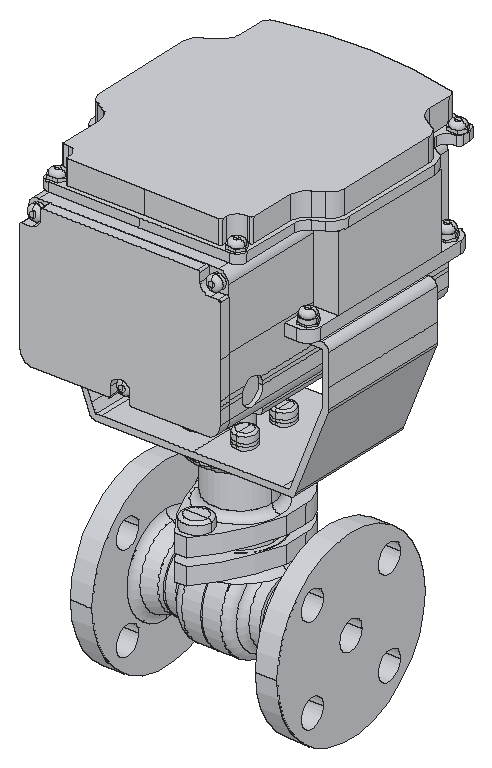
Revit family "電動二方弁_ver2019(ロゴなし)", category 電気設備, Revit 2019 (continued)
Automatic sketch dimensions
  Extrusion 41 sketch curve to Extrusion 41 sketch curve = 3.7 mm
  Extrusion 41 sketch curve to Extrusion 41 sketch curve = 7 mm
  plane 1 "中心(正面/背面)" to Extrusion 41 sketch curve = 36.395 mm
  Extrusion 41 sketch curve to plane 1 "中心(正面/背面)" = 60.605 mm
  Extrusion 41 sketch curve to Extrusion 41 sketch curve = 0.7 mm
  Extrusion 41 sketch curve to Extrusion 41 sketch curve = 7.785 mm
  Extrusion 41 sketch curve to Extrusion 41 sketch curve = 2.098 mm
  Extrusion 41 sketch curve to Extrusion 41 sketch curve = 0 mm
  Extrusion 41 sketch curve to Extrusion 41 sketch curve = 1.226 mm
  Extrusion 42 sketch curve to plane 3 "中心(左/右)" = 51.5 mm
  Extrusion 42 sketch curve to Extrusion 42 sketch curve = 5.8 mm
  Extrusion 42 sketch curve to Extrusion 42 sketch curve = 6 mm
  Extrusion 42 sketch curve to Extrusion 42 sketch curve = 6.5 mm
  Extrusion 42 sketch curve to Extrusion 42 sketch curve = 0.5 mm
  Extrusion 42 sketch curve to Extrusion 42 sketch curve = 3.7 mm
  Extrusion 42 sketch curve to Extrusion 42 sketch curve = 7 mm
  Extrusion 42 sketch curve to plane 1 "中心(正面/背面)" = 69.302 mm
  Extrusion 42 sketch curve to Extrusion 42 sketch curve = 0.212 mm
  Extrusion 42 sketch curve to Extrusion 42 sketch curve = 7.997 mm
  Extrusion 42 sketch curve to Extrusion 42 sketch curve = 0.7 mm
  plane 1 "中心(正面/背面)" to Extrusion 42 sketch curve = 29.395 mm
  Extrusion 42 sketch curve to Extrusion 42 sketch curve = 0 mm
  Extrusion 42 sketch curve to Extrusion 42 sketch curve = 1.226 mm
  Extrusion 43 sketch curve to plane 3 "中心(左/右)" = 64.592 mm
  Extrusion 43 sketch curve to Extrusion 43 sketch curve = 3.729 mm
  Extrusion 43 sketch curve to Extrusion 43 sketch curve = 1.085 mm  (x2)
  Extrusion 43 sketch curve to Extrusion 43 sketch curve = 2.797 mm  (x4)
  Extrusion 43 sketch curve to Extrusion 43 sketch curve = 7.85 mm
  Extrusion 43 sketch curve to Extrusion 43 sketch curve = 2.643 mm
  Extrusion 43 sketch curve to level = 130.361 mm
  Extrusion 43 sketch curve to Extrusion 43 sketch curve = 1.447 mm
  Extrusion 44 sketch curve to plane 3 "中心(左/右)" = 28.5 mm
  plane 3 "中心(左/右)" to Extrusion 44 sketch curve = 28.5 mm
  level to Extrusion 44 sketch curve = 161 mm
  Extrusion 44 sketch curve to Extrusion 44 sketch curve = 0.788 mm
  Revolve 45 sketch curve to plane 3 "中心(左/右)" = 60.5 mm
  Revolve 45 sketch curve to Revolve 45 sketch curve = 2.25 mm
  level to Revolve 45 sketch curve = 197.236 mm
  Revolve 45 sketch curve to Revolve 45 sketch curve = 2.264 mm
  Revolve 45 sketch curve to Revolve 45 sketch curve = 0 mm
  Revolve 45 sketch curve to Revolve 45 sketch curve = 0.936 mm
  Revolve 45 sketch curve to Revolve 45 sketch curve = 1.8 mm
  Revolve 46 sketch curve to plane 3 "中心(左/右)" = 60.5 mm
  Revolve 46 sketch curve to Revolve 46 sketch curve = 2.25 mm
  level to Revolve 46 sketch curve = 197.236 mm
  Revolve 46 sketch curve to Revolve 46 sketch curve = 2.264 mm
  Revolve 46 sketch curve to Revolve 46 sketch curve = 0 mm
  Revolve 46 sketch curve to Revolve 46 sketch curve = 0.936 mm
  Revolve 46 sketch curve to Revolve 46 sketch curve = 1.8 mm
  plane 3 "中心(左/右)" to Revolve 47 sketch curve = 56.375 mm
  Revolve 47 sketch curve to Revolve 47 sketch curve = 2.25 mm
  level to Revolve 47 sketch curve = 197.236 mm
  Revolve 47 sketch curve to Revolve 47 sketch curve = 2.264 mm
  Revolve 47 sketch curve to Revolve 47 sketch curve = 0 mm
  Revolve 47 sketch curve to Revolve 47 sketch curve = 0.936 mm
  Revolve 47 sketch curve to Revolve 47 sketch curve = 1.8 mm
  plane 3 "中心(左/右)" to Revolve 48 sketch curve = 56.375 mm
  Revolve 48 sketch curve to Revolve 48 sketch curve = 2.25 mm
  level to Revolve 48 sketch curve = 197.236 mm
  Revolve 48 sketch curve to Revolve 48 sketch curve = 2.264 mm
  Revolve 48 sketch curve to Revolve 48 sketch curve = 0 mm
  Revolve 48 sketch curve to Revolve 48 sketch curve = 0.936 mm
  Revolve 48 sketch curve to Revolve 48 sketch curve = 1.8 mm
  Extrusion 49 sketch curve to plane 1 "中心(正面/背面)" = 25.952 mm
  Extrusion 49 sketch curve to plane 3 "中心(左/右)" = 74.125 mm
  Extrusion 49 sketch curve to plane 1 "中心(正面/背面)" = 13.532 mm  (x2)
  Extrusion 49 sketch curve to plane 3 "中心(左/右)" = 23 mm
  Extrusion 49 sketch curve to plane 3 "中心(左/右)" = 6.954 mm
  Extrusion 49 sketch curve to plane 3 "中心(左/右)" = 3.046 mm
  Extrusion 49 sketch curve to plane 3 "中心(左/右)" = 1.923 mm
  plane 3 "中心(左/右)" to Extrusion 49 sketch curve = 1.923 mm
  plane 3 "中心(左/右)" to Extrusion 49 sketch curve = 3.046 mm
  plane 3 "中心(左/右)" to Extrusion 49 sketch curve = 6.954 mm
  Extrusion 49 sketch curve to Extrusion 49 sketch curve = 51.125 mm
  Extrusion 49 sketch curve to plane 1 "中心(正面/背面)" = 1.214 mm  (x2)
  Revolve 50 sketch curve to plane 3 "中心(左/右)" = 0 mm  (x2)
  Revolve 50 sketch curve to plane 3 "中心(左/右)" = 23 mm
  Revolve 50 sketch curve to Revolve 50 sketch curve = 2 mm  (x2)
  level to Revolve 50 sketch curve = 115.3 mm
  Revolve 50 sketch curve to Revolve 50 sketch curve = 5.2 mm
  Revolve 50 sketch curve to Revolve 50 sketch curve = 0.2 mm
  Extrusion 51 sketch curve to plane 1 "中心(正面/背面)" = 25.952 mm
  Extrusion 51 sketch curve to plane 3 "中心(左/右)" = 74.125 mm
  Extrusion 51 sketch curve to plane 1 "中心(正面/背面)" = 13.532 mm  (x2)
  Extrusion 51 sketch curve to plane 3 "中心(左/右)" = 23 mm
  Extrusion 51 sketch curve to plane 3 "中心(左/右)" = 6.954 mm
  Extrusion 51 sketch curve to plane 3 "中心(左/右)" = 3.046 mm
  Extrusion 51 sketch curve to plane 3 "中心(左/右)" = 1.923 mm
  plane 3 "中心(左/右)" to Extrusion 51 sketch curve = 1.923 mm
  plane 3 "中心(左/右)" to Extrusion 51 sketch curve = 3.046 mm
  plane 3 "中心(左/右)" to Extrusion 51 sketch curve = 6.954 mm
  Extrusion 51 sketch curve to Extrusion 51 sketch curve = 51.125 mm
  Extrusion 51 sketch curve to plane 1 "中心(正面/背面)" = 1.214 mm  (x2)
  Revolve 52 sketch curve to plane 3 "中心(左/右)" = 0 mm  (x2)
  Revolve 52 sketch curve to plane 3 "中心(左/右)" = 17.5 mm
  level to Revolve 52 sketch curve = 77 mm
  Revolve 52 sketch curve to Revolve 52 sketch curve = 4.3 mm
  Revolve 52 sketch curve to Revolve 52 sketch curve = 0 mm  (x2)
  Extrusion 53 sketch curve to plane 1 "中心(正面/背面)" = 24.749 mm
  level to Extrusion 53 sketch curve = 72.249 mm
  Extrusion 54 sketch curve to plane 1 "中心(正面/背面)" = 24.749 mm
  level to Extrusion 54 sketch curve = 22.751 mm
  plane 1 "中心(正面/背面)" to Extrusion 55 sketch curve = 24.749 mm
  level to Extrusion 55 sketch curve = 22.751 mm
  plane 1 "中心(正面/背面)" to Extrusion 56 sketch curve = 24.749 mm
  level to Extrusion 56 sketch curve = 22.751 mm
  Extrusion 57 sketch curve to plane 1 "中心(正面/背面)" = 0 mm
  level to Extrusion 57 sketch curve = 47.5 mm
  plane 1 "中心(正面/背面)" to Revolve 58 sketch curve = 75.7 mm
  Revolve 58 sketch curve to Revolve 58 sketch curve = 2 mm
  Revolve 58 sketch curve to Revolve 58 sketch curve = 0.6 mm
  level to Revolve 58 sketch curve = 238.5 mm
  Revolve 58 sketch curve to Revolve 58 sketch curve = 1.75 mm
  Revolve 58 sketch curve to Revolve 58 sketch curve = 0 mm  (x3)
  plane 1 "中心(正面/背面)" to Revolve 59 sketch curve = 73.1 mm
  Revolve 59 sketch curve to Revolve 59 sketch curve = 1.6 mm
  level to Revolve 59 sketch curve = 238.5 mm
  Revolve 59 sketch curve to Revolve 59 sketch curve = 3.75 mm
  Revolve 59 sketch curve to Revolve 59 sketch curve = 0 mm  (x3)
  plane 1 "中心(正面/背面)" to Revolve 60 sketch curve = 75.7 mm
  Revolve 60 sketch curve to Revolve 60 sketch curve = 2 mm
  Revolve 60 sketch curve to Revolve 60 sketch curve = 0.6 mm
  level to Revolve 60 sketch curve = 238.5 mm
  Revolve 60 sketch curve to Revolve 60 sketch curve = 1.75 mm
  Revolve 60 sketch curve to Revolve 60 sketch curve = 0 mm  (x3)
  plane 1 "中心(正面/背面)" to Revolve 61 sketch curve = 73.1 mm
  Revolve 61 sketch curve to Revolve 61 sketch curve = 1.6 mm
  level to Revolve 61 sketch curve = 238.5 mm
  Revolve 61 sketch curve to Revolve 61 sketch curve = 3.75 mm
  Revolve 61 sketch curve to Revolve 61 sketch curve = 0 mm  (x3)
  plane 1 "中心(正面/背面)" to Revolve 62 sketch curve = 75.7 mm
  Revolve 62 sketch curve to Revolve 62 sketch curve = 2 mm
  Revolve 62 sketch curve to Revolve 62 sketch curve = 0.6 mm
  level to Revolve 62 sketch curve = 174.5 mm
  Revolve 62 sketch curve to Revolve 62 sketch curve = 1.75 mm
  Revolve 62 sketch curve to Revolve 62 sketch curve = 0 mm  (x3)
  plane 1 "中心(正面/背面)" to Revolve 63 sketch curve = 73.1 mm
  Revolve 63 sketch curve to Revolve 63 sketch curve = 1.6 mm
  level to Revolve 63 sketch curve = 174.5 mm
  Revolve 63 sketch curve to Revolve 63 sketch curve = 3.75 mm
  Revolve 63 sketch curve to Revolve 63 sketch curve = 0 mm  (x3)
  Extrusion 64 sketch curve to plane 3 "中心(左/右)" = 65 mm
  Extrusion 64 sketch curve to Extrusion 64 sketch curve = 13.382 mm
  Extrusion 64 sketch curve to Extrusion 64 sketch curve = 5.3 mm  (x2)
  level to Extrusion 64 sketch curve = 205.5 mm
  Extrusion 64 sketch curve to Extrusion 64 sketch curve = 33.2 mm
  Extrusion 64 sketch curve to Extrusion 64 sketch curve = 0 mm
  Extrusion 65 sketch curve to plane 3 "中心(左/右)" = 65 mm
  Extrusion 65 sketch curve to Extrusion 65 sketch curve = 13.382 mm
  Extrusion 65 sketch curve to Extrusion 65 sketch curve = 5.3 mm  (x2)
  Extrusion 65 sketch curve to level = 205.5 mm
  Extrusion 65 sketch curve to Extrusion 65 sketch curve = 33.2 mm
  Extrusion 65 sketch curve to Extrusion 65 sketch curve = 0 mm
  Revolve 66 sketch curve to plane 3 "中心(左/右)" = 61.28 mm
  Revolve 66 sketch curve to Revolve 66 sketch curve = 1.501 mm
  Revolve 66 sketch curve to Revolve 66 sketch curve = 1.75 mm
  level to Revolve 66 sketch curve = 208.5 mm
  Revolve 66 sketch curve to Revolve 66 sketch curve = 1.322 mm
  Revolve 66 sketch curve to Revolve 66 sketch curve = 0 mm  (x2)
  Revolve 66 sketch curve to Revolve 66 sketch curve = 0.722 mm
  Extrusion 67 sketch curve to plane 3 "中心(左/右)" = 58 mm
  Extrusion 67 sketch curve to plane 1 "中心(正面/背面)" = 59.98 mm
  Extrusion 68 sketch curve to plane 3 "中心(左/右)" = 62.907 mm
  Extrusion 68 sketch curve to Extrusion 68 sketch curve = 2.454 mm  (x5)
  Extrusion 68 sketch curve to Extrusion 68 sketch curve = 4.907 mm
  Extrusion 68 sketch curve to plane 1 "中心(正面/背面)" = 55.73 mm
  Extrusion 68 sketch curve to Extrusion 68 sketch curve = 4.25 mm  (x3)
  Revolve 69 sketch curve to plane 3 "中心(左/右)" = 61.28 mm
  Revolve 69 sketch curve to Revolve 69 sketch curve = 1.501 mm
  Revolve 69 sketch curve to Revolve 69 sketch curve = 1.75 mm
  level to Revolve 69 sketch curve = 208.5 mm
  Revolve 69 sketch curve to Revolve 69 sketch curve = 1.322 mm
  Revolve 69 sketch curve to Revolve 69 sketch curve = 0 mm  (x2)
  Revolve 69 sketch curve to Revolve 69 sketch curve = 0.722 mm
  plane 3 "中心(左/右)" to Extrusion 70 sketch curve = 58.5 mm
  plane 1 "中心(正面/背面)" to Extrusion 70 sketch curve = 29.395 mm
  plane 3 "中心(左/右)" to Extrusion 71 sketch curve = 53.593 mm
  plane 1 "中心(正面/背面)" to Extrusion 71 sketch curve = 25.145 mm
  Extrusion 71 sketch curve to Extrusion 71 sketch curve = 2.454 mm  (x5)
  Extrusion 71 sketch curve to Extrusion 71 sketch curve = 4.907 mm
  plane 1 "中心(正面/背面)" to Extrusion 71 sketch curve = 29.395 mm
  Extrusion 71 sketch curve to Extrusion 71 sketch curve = 4.25 mm  (x2)
  plane 3 "中心(左/右)" to Revolve 72 sketch curve = 55.22 mm
  Revolve 72 sketch curve to Revolve 72 sketch curve = 1.501 mm
  Revolve 72 sketch curve to Revolve 72 sketch curve = 1.75 mm
  level to Revolve 72 sketch curve = 208.5 mm
  Revolve 72 sketch curve to Revolve 72 sketch curve = 1.322 mm
  Revolve 72 sketch curve to Revolve 72 sketch curve = 0 mm  (x2)
  Revolve 72 sketch curve to Revolve 72 sketch curve = 0.722 mm
  plane 3 "中心(左/右)" to Extrusion 73 sketch curve = 58.5 mm
  Extrusion 73 sketch curve to plane 1 "中心(正面/背面)" = 59.98 mm
  plane 3 "中心(左/右)" to Extrusion 74 sketch curve = 53.593 mm
  Extrusion 74 sketch curve to Extrusion 74 sketch curve = 2.454 mm  (x5)
  Extrusion 74 sketch curve to Extrusion 74 sketch curve = 4.907 mm
  Extrusion 74 sketch curve to plane 1 "中心(正面/背面)" = 55.73 mm
  Extrusion 74 sketch curve to Extrusion 74 sketch curve = 4.25 mm  (x3)
  plane 3 "中心(左/右)" to Revolve 75 sketch curve = 55.22 mm
  Revolve 75 sketch curve to Revolve 75 sketch curve = 1.501 mm
  Revolve 75 sketch curve to Revolve 75 sketch curve = 1.75 mm
  level to Revolve 75 sketch curve = 208.5 mm
  Revolve 75 sketch curve to Revolve 75 sketch curve = 1.322 mm
  Revolve 75 sketch curve to Revolve 75 sketch curve = 0 mm  (x2)
  Revolve 75 sketch curve to Revolve 75 sketch curve = 0.722 mm
  plane 3 "中心(左/右)" to Revolve 76 sketch curve = 50.936 mm
  Revolve 76 sketch curve to Revolve 76 sketch curve = 1.908 mm
  Revolve 76 sketch curve to Revolve 76 sketch curve = 1.75 mm
  level to Revolve 76 sketch curve = 250.1 mm
  Revolve 76 sketch curve to Revolve 76 sketch curve = 0.6 mm
  Revolve 76 sketch curve to Revolve 76 sketch curve = 0 mm  (x3)
  Revolve 77 sketch curve to plane 3 "中心(左/右)" = 57.314 mm
  Revolve 77 sketch curve to Revolve 77 sketch curve = 1.908 mm
  Revolve 77 sketch curve to Revolve 77 sketch curve = 1.75 mm
  level to Revolve 77 sketch curve = 250.1 mm
  Revolve 77 sketch curve to Revolve 77 sketch curve = 0.6 mm
  Revolve 77 sketch curve to Revolve 77 sketch curve = 0 mm  (x3)
  plane 3 "中心(左/右)" to Extrusion 78 sketch curve = 49.531 mm
  Extrusion 78 sketch curve to Extrusion 78 sketch curve = 2.133 mm  (x2)
  Extrusion 78 sketch curve to Extrusion 78 sketch curve = 2.177 mm
  Extrusion 78 sketch curve to Extrusion 78 sketch curve = 2.731 mm  (x2)
  Extrusion 78 sketch curve to Extrusion 78 sketch curve = 5.55 mm
  Extrusion 78 sketch curve to plane 1 "中心(正面/背面)" = 68.153 mm
  Extrusion 78 sketch curve to Extrusion 78 sketch curve = 3.694 mm  (x2)
  Extrusion 78 sketch curve to Extrusion 78 sketch curve = 3.771 mm
  Extrusion 79 sketch curve to plane 3 "中心(左/右)" = 58.719 mm
  Extrusion 79 sketch curve to Extrusion 79 sketch curve = 2.133 mm  (x2)
  Extrusion 79 sketch curve to Extrusion 79 sketch curve = 2.177 mm
  Extrusion 79 sketch curve to Extrusion 79 sketch curve = 2.731 mm  (x2)
  Extrusion 79 sketch curve to Extrusion 79 sketch curve = 5.55 mm
  Extrusion 79 sketch curve to plane 1 "中心(正面/背面)" = 68.153 mm
  Extrusion 79 sketch curve to Extrusion 79 sketch curve = 3.694 mm  (x2)
  Extrusion 79 sketch curve to Extrusion 79 sketch curve = 3.771 mm
  Extrusion 1 sketch curve to plane 1 "中心(正面/背面)" = 0 mm
  level to Extrusion 1 sketch curve = 47.437 mm
  Extrusion 7 sketch curve to plane 1 "中心(正面/背面)" = 0 mm
  level to Extrusion 7 sketch curve = 47.437 mm
  plane 1 "中心(正面/背面)" to Extrusion 80 sketch curve = 56.39 mm
  level to Extrusion 80 sketch curve = 182.782 mm
  plane 1 "中心(正面/背面)" to Extrusion 81 sketch curve = 56.39 mm
  level to Extrusion 81 sketch curve = 182.782 mm
  radius of Extrusion 2 sketch curve = 7.5 mm
  radius of Extrusion 3 sketch curve = 7.5 mm
  radius of Extrusion 4 sketch curve = 7.5 mm
  radius of Extrusion 5 sketch curve = 7.5 mm
  radius of Extrusion 6 sketch curve = 7.5 mm
  radius of Extrusion 8 sketch curve = 7.5 mm
  radius of Extrusion 12 sketch curve = 4.25 mm
  radius of Extrusion 53 sketch curve = 7.5 mm
  radius of Extrusion 54 sketch curve = 7.5 mm
  radius of Extrusion 55 sketch curve = 7.5 mm
  radius of Extrusion 56 sketch curve = 7.5 mm
  radius of Extrusion 57 sketch curve = 7.5 mm
  radius of Extrusion 67 sketch curve = 4.25 mm
  radius of Extrusion 70 sketch curve = 4.25 mm
  radius of Extrusion 73 sketch curve = 4.25 mm
Connectors
  piping at (56.882, 0, 47.437), diameter 95, driven by "配管φ"
    settings: on cut or joined group of Extrusion 1, Extrusion 2, Extrusion 3, Extrusion 4, Extrusion 5, Extrusion 6, Extrusion 8, Extrusion 55, index 1, connector inside diameter 609.6 mm, connector length 0 mm, flow factor 0, pipe flow 0.0 L/s, pressure drop 0.0 Pa, fitting loss kfactor 0, connector angle 0.00°, fixture units 0, engagement length 0 mm, angle of deflection 0.00°, flow configuration 0, flow direction 0, fitting loss method 0, system type 19, joint type 0, gender type 0, connector reference index -1, connector utility 0, adjustable connector no, is connector primary yes, connector description ""
  piping at (-49.118, 0, 47.437), diameter 95, driven by "配管2φ"
    settings: on cut or joined group of Extrusion 7, Extrusion 8, Extrusion 53, Extrusion 54, Extrusion 56, Extrusion 57, index 2, connector inside diameter 609.6 mm, connector length 0 mm, flow factor 0, pipe flow 0.0 L/s, pressure drop 0.0 Pa, fitting loss kfactor 0, connector angle 0.00°, fixture units 0, engagement length 0 mm, angle of deflection 0.00°, flow configuration 0, flow direction 0, fitting loss method 0, system type 19, joint type 0, gender type 0, connector reference index -1, connector utility 0, adjustable connector no, is connector primary no, connector description ""
  cabletrayconduit at (-48.8, -56.39, 182.782), diameter 14.031, driven by "配線φ(左側)"
    settings: on cut or joined group of Extrusion 22, Extrusion 80, Extrusion 81, index 3, connector width 300 mm, connector height 300 mm, connector angle 0.00°, system type 32, placement type 0, profile type 0, connector reference index -1, is primary connector yes, connector utility param no, connector description ""
  cabletrayconduit at (-48.8, -56.39, 182.782), diameter 14.031, driven by "配線φ(左側)"
    settings: on cut or joined group of Extrusion 22, Extrusion 80, Extrusion 81, index 4, connector width 300 mm, connector height 300 mm, connector angle 0.00°, system type 32, placement type 0, profile type 0, connector reference index -1, is primary connector no, connector utility param no, connector description ""
  cabletrayconduit at (48.8, -56.39, 182.782), diameter 14.031, driven by "配線φ(右側)"
    settings: on cut or joined group of Extrusion 22, Extrusion 80, Extrusion 81, index 5, connector width 300 mm, connector height 300 mm, connector angle 0.00°, system type 32, placement type 0, profile type 0, connector reference index -1, is primary connector no, connector utility param no, connector description ""
